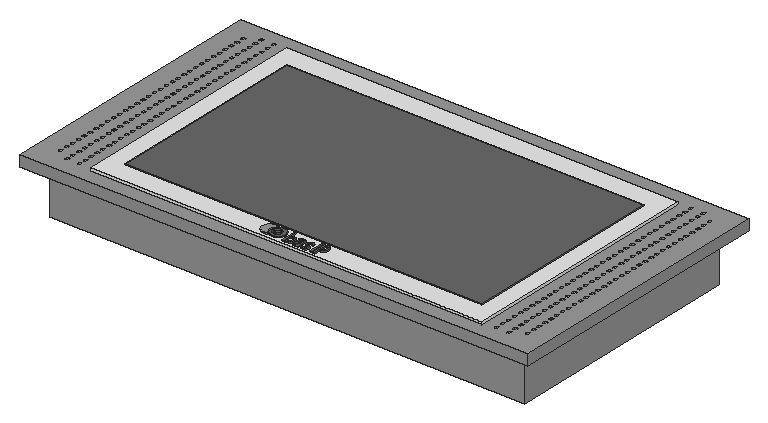
Revit family "AT-07", category Устройства связи, Revit 2022
Family settings
  Размер круглого соединителя = Использовать диаметр
  Тип детали = Нормальный
  На основе рабочей плоскости = Да
  Всегда вертикально = Нет
  При загрузке вырезать с полостями = Нет
  Сохранять ориентацию аннотаций = Нет
  Общий = Да
  Точка принадлежности помещению = Нет
Parameters (values of type "AT-07")
  Цветовое решение = "Black, White, Silver, Gold"
  Режим "Ожидания" = "Есть, настраиваемый по времени"
  Режим "Не беспокоить" = "Есть, настраиваемый по времени"
  Режим "Без звука" = "Есть, настраиваемый по времени"
  Поддержка сторонних виджетов = "Есть"
  Обновление программного обеспечения = "Через WEB-интерфейс, из SD карты, из сервера обновлений BAS-IP"
  Дополнительно = ""
  Выбор типа заставки в режиме ожидания = "Квадратор \r\nЧасы \r\nФоторамка \r\nТур по времени \r\nIP камера (постоянный просмотр)"
  Тип установки = "Настенная накладная, врезная с помощью кронштейна"
  Количество IP камер = "До 32 камер"
  Поддержка получения сообщений = "Есть"
  Количество индивидуальных вызывных панелей = "До 9 панелей"
  Размеры = "236 x 128 x 26,5 мм"
  Размеры дисплея = "155,0×86,0 мм"
  Потребление питания = "6 Вт, в режиме ожидания – 2,5 Вт"
  Дополнительные разъемы = "Слот для microSD карт (SDHC)"
  Питание = "PoE  и +12 Вольт"
  Default Elevation = 0 mm
  Загрузка пользовательских MP3 мелодий = "Есть"
  Описание = "Внутренний монитор индивидуальный AT-07 - Внутренний видеодомофон работает под управлением операционной системы Android 6.0. Он поставляется в 4 цветовых вариациях: white, gold, black, silver и имеет два варианта установки: настенное накладное крепление и крепление врезным монтажом с использованием специального кронштейна"
  Количество многоабонентских вызывных панелей = "До 9 панелей"
  Подключение дополнительных мониторов = "До 8 мониторов"
  Материал корпуса = Материал серый
  Корпус = "Алюминий"
  Тип интеркома = "Аудиоинтерком"
  Количество мелодий вызова = "9 мелодий на выбор"
  Сценарии = "Есть"
  Функция памяти = "Запись фото, видео и аудио на SD карту"
  Встроенная камера = "Нет"
  Интерфейс = "Многоязычный графический"
  Управление домашней автоматикой = "Свет, шторы, лифт"
  Изображение типоразмера = <Нет>
  Изготовитель = "BAS-IP"
  Мультимедиа возможности = "Просмотр видео-, фото- и аудиофайлов с SD карты"
  Дисплей = "7” IPS LCD, сенсорный емкостный"
  Группа модели = "Внутренний монитор индивидуальный AT-07"
  Разрешение экрана = "1024×600"
  Возможность установки сторонних приложений = "Есть"
  Бекап фото сделанных во время вызова = "Есть, на SD карту"
  Автоответчик = "Есть"
  URL = "https://www.bas-ip.ru"
  Email разработчика семейства = "lytvynchukartur@gmail.com"
  BIM library = "https://bimlib.ru/manufacturer/"
  ADSK_Размер_Ширина = 236 mm
  ADSK_Размер_Толщина = 26.5 mm
  ADSK_Размер_Длина = 128 mm
  ADSK_Примечание = ""
  ADSK_Полная мощность = 6 VA  # constant formula
  ADSK_Позиция = ""
  ADSK_Обозначение = ""
  ADSK_Номинальная мощность = 6 W
  ADSK_Напряжение = 12 V
  ADSK_Наименование краткое = "AT-07"
  ADSK_Наименование = "Внутренний монитор индивидуальный AT-07"
  ADSK_Масса_Текст = ""
  ADSK_Марка = "AT-07"
  ADSK_Коэффициент мощности = 0.9
  ADSK_Количество фаз = 1
  ADSK_Код изделия = ""
  ADSK_Классификация нагрузок = Внутренний монитор индивидуальный
  ADSK_Зона = ""
  ADSK_Завод-изготовитель = "BAS-IP"
  ADSK_Единица измерения = "шт"
  ADSK_Версия Revit = "Revit 2020"  # constant formula
  ADSK_URL страницы изделия = "https://www.bas-ip.ru/at-07l/"
  ADSK_URL документации изделия = "http://cdn.bas-ip.com/files/datasheets_ru/AT-07L_ru.pdf"
Reference planes
  plane 1 "По центру (Вперед/Назад)": y = 0
  plane 2: z = 0
  plane 3 "По центру (Влево/Вправо)": x = 0
Forms (mm)
  Extrusion 1, solid, material "Материал серый" <- "Материал корпуса", detail levels medium+fine
    sketch origin (795.397, 39.835, -4.242) x (1, 0, 0) y (0, 1, 0)
      loop
        line (-905.897, 16.665) -> (-905.897, -96.335) -> (-684.897, -96.335) -> (-684.897, 16.665) -> (-905.897, 16.665)
    from -17.258 to 4.346
  Extrusion 2, solid, material "Материал серый" <- "Материал корпуса", detail levels medium+fine
    sketch origin (532.39, -180.209, 54) x (1, 0, 0) y (0, 1, 0)
      loop
        line (-650.39, 244.209) -> (-650.39, 116.209) -> (-414.39, 116.209) -> (-414.39, 244.209) -> (-650.39, 244.209)
      loop
        circle (-629.39, 237.209) r 0.8
      loop
        circle (-629.39, 233.793) r 0.8
      loop
        circle (-629.39, 230.377) r 0.8
      loop
        circle (-629.39, 226.962) r 0.8
      loop
        circle (-629.39, 223.546) r 0.8
      loop
        circle (-629.39, 216.714) r 0.8
      loop
        circle (-629.39, 213.298) r 0.8
      loop
        circle (-629.39, 206.467) r 0.8
      loop
        circle (-629.39, 203.051) r 0.8
      loop
        circle (-629.39, 199.635) r 0.8
      loop
        circle (-629.39, 196.219) r 0.8
      loop
        circle (-629.39, 209.883) r 0.8
      loop
        circle (-629.39, 220.13) r 0.8
      loop
        circle (-629.39, 192.804) r 0.8
      loop
        circle (-629.39, 189.388) r 0.8
      loop
        circle (-629.39, 185.972) r 0.8
      loop
        circle (-629.39, 182.556) r 0.8
      loop
        circle (-629.39, 175.725) r 0.8
      loop
        circle (-629.39, 172.309) r 0.8
      loop
        circle (-629.39, 165.477) r 0.8
      loop
        circle (-629.39, 162.061) r 0.8
      loop
        circle (-629.39, 158.646) r 0.8
      loop
        circle (-629.39, 155.23) r 0.8
      loop
        circle (-629.39, 168.893) r 0.8
      loop
        circle (-629.39, 179.14) r 0.8
      loop
        circle (-629.39, 151.814) r 0.8
      loop
        circle (-629.39, 148.398) r 0.8
      loop
        circle (-629.39, 144.983) r 0.8
      loop
        circle (-629.39, 141.567) r 0.8
      loop
        circle (-629.39, 134.735) r 0.8
      loop
        circle (-629.39, 131.319) r 0.8
      loop
        circle (-629.39, 124.488) r 0.8
      loop
        circle (-629.39, 127.904) r 0.8
      loop
        circle (-629.39, 138.151) r 0.8
      loop
        circle (-635.14, 237.209) r 0.8
      loop
        circle (-635.14, 233.793) r 0.8
      loop
        circle (-635.14, 230.377) r 0.8
      loop
        circle (-635.14, 226.962) r 0.8
      loop
        circle (-635.14, 223.546) r 0.8
      loop
        circle (-635.14, 216.714) r 0.8
      loop
        circle (-635.14, 213.298) r 0.8
      loop
        circle (-635.14, 206.467) r 0.8
      loop
        circle (-635.14, 203.051) r 0.8
      loop
        circle (-635.14, 199.635) r 0.8
      loop
        circle (-635.14, 196.219) r 0.8
      loop
        circle (-635.14, 209.883) r 0.8
      loop
        circle (-635.14, 220.13) r 0.8
      loop
        circle (-635.14, 192.804) r 0.8
      loop
        circle (-635.14, 189.388) r 0.8
      loop
        circle (-635.14, 185.972) r 0.8
      loop
        circle (-635.14, 182.556) r 0.8
      loop
        circle (-635.14, 175.725) r 0.8
      loop
        circle (-635.14, 172.309) r 0.8
      loop
        circle (-635.14, 165.477) r 0.8
      loop
        circle (-635.14, 162.061) r 0.8
      loop
        circle (-635.14, 158.646) r 0.8
      loop
        circle (-635.14, 155.23) r 0.8
      loop
        circle (-635.14, 168.893) r 0.8
      loop
        circle (-635.14, 179.14) r 0.8
      loop
        circle (-635.14, 151.814) r 0.8
      loop
        circle (-635.14, 148.398) r 0.8
      loop
        circle (-635.14, 144.983) r 0.8
      loop
        circle (-635.14, 141.567) r 0.8
      loop
        circle (-635.14, 134.735) r 0.8
      loop
        circle (-635.14, 131.319) r 0.8
      loop
        circle (-635.14, 124.488) r 0.8
      loop
        circle (-635.14, 127.904) r 0.8
      loop
        circle (-635.14, 138.151) r 0.8
      loop
        circle (-640.89, 233.793) r 0.8
      loop
        circle (-640.89, 230.377) r 0.8
      loop
        circle (-640.89, 226.962) r 0.8
      loop
        circle (-640.89, 223.546) r 0.8
      loop
        circle (-640.89, 216.714) r 0.8
      loop
        circle (-640.89, 213.298) r 0.8
      loop
        circle (-640.89, 206.467) r 0.8
      loop
        circle (-640.89, 203.051) r 0.8
      loop
        circle (-640.89, 199.635) r 0.8
      loop
        circle (-640.89, 196.219) r 0.8
      loop
        circle (-640.89, 209.883) r 0.8
      loop
        circle (-640.89, 220.13) r 0.8
      loop
        circle (-640.89, 192.804) r 0.8
      loop
        circle (-640.89, 189.388) r 0.8
      loop
        circle (-640.89, 185.972) r 0.8
      loop
        circle (-640.89, 182.556) r 0.8
      loop
        circle (-640.89, 175.725) r 0.8
      loop
        circle (-640.89, 172.309) r 0.8
      loop
        circle (-640.89, 165.477) r 0.8
      loop
        circle (-640.89, 162.061) r 0.8
      loop
        circle (-640.89, 158.646) r 0.8
      loop
        circle (-640.89, 155.23) r 0.8
      loop
        circle (-640.89, 168.893) r 0.8
      loop
        circle (-640.89, 179.14) r 0.8
      loop
        circle (-640.89, 151.814) r 0.8
      loop
        circle (-640.89, 148.398) r 0.8
      loop
        circle (-640.89, 144.983) r 0.8
      loop
        circle (-640.89, 141.567) r 0.8
      loop
        circle (-640.89, 134.735) r 0.8
      loop
        circle (-640.89, 131.319) r 0.8
      loop
        circle (-640.89, 127.904) r 0.8
      loop
        circle (-640.89, 138.151) r 0.8
      loop
        circle (-435.39, 237.209) r 0.8
      loop
        circle (-435.39, 233.793) r 0.8
      loop
        circle (-435.39, 230.377) r 0.8
      loop
        circle (-435.39, 226.962) r 0.8
      loop
        circle (-435.39, 223.546) r 0.8
      loop
        circle (-435.39, 216.714) r 0.8
      loop
        circle (-435.39, 213.298) r 0.8
      loop
        circle (-435.39, 206.467) r 0.8
      loop
        circle (-435.39, 203.051) r 0.8
      loop
        circle (-435.39, 199.635) r 0.8
      loop
        circle (-435.39, 196.219) r 0.8
      loop
        circle (-435.39, 209.883) r 0.8
      loop
        circle (-435.39, 220.13) r 0.8
      loop
        circle (-435.39, 192.804) r 0.8
      loop
        circle (-435.39, 189.388) r 0.8
      loop
        circle (-435.39, 185.972) r 0.8
      loop
        circle (-435.39, 182.556) r 0.8
      loop
        circle (-435.39, 175.725) r 0.8
      loop
        circle (-435.39, 172.309) r 0.8
      loop
        circle (-435.39, 165.477) r 0.8
      loop
        circle (-435.39, 162.061) r 0.8
      loop
        circle (-435.39, 158.646) r 0.8
      loop
        circle (-435.39, 155.23) r 0.8
      loop
        circle (-435.39, 168.893) r 0.8
      loop
        circle (-435.39, 179.14) r 0.8
      loop
        circle (-435.39, 151.814) r 0.8
      loop
        circle (-435.39, 148.398) r 0.8
      loop
        circle (-435.39, 144.983) r 0.8
      loop
        circle (-435.39, 141.567) r 0.8
      loop
        circle (-435.39, 134.735) r 0.8
      loop
        circle (-435.39, 131.319) r 0.8
      loop
        circle (-435.39, 124.488) r 0.8
      loop
        circle (-435.39, 127.904) r 0.8
      loop
        circle (-435.39, 138.151) r 0.8
      loop
        circle (-429.64, 237.209) r 0.8
      loop
        circle (-429.64, 233.793) r 0.8
      loop
        circle (-429.64, 230.377) r 0.8
      loop
        circle (-429.64, 226.962) r 0.8
      loop
        circle (-429.64, 223.546) r 0.8
      loop
        circle (-429.64, 216.714) r 0.8
      loop
        circle (-429.64, 213.298) r 0.8
      loop
        circle (-429.64, 206.467) r 0.8
      loop
        circle (-429.64, 203.051) r 0.8
      loop
        circle (-429.64, 199.635) r 0.8
      loop
        circle (-429.64, 196.219) r 0.8
      loop
        circle (-429.64, 209.883) r 0.8
      loop
        circle (-429.64, 220.13) r 0.8
      loop
        circle (-429.64, 192.804) r 0.8
      loop
        circle (-429.64, 189.388) r 0.8
      loop
        circle (-429.64, 185.972) r 0.8
      loop
        circle (-429.64, 182.556) r 0.8
      loop
        circle (-429.64, 175.725) r 0.8
      loop
        circle (-429.64, 172.309) r 0.8
      loop
        circle (-429.64, 165.477) r 0.8
      loop
        circle (-429.64, 162.061) r 0.8
      loop
        circle (-429.64, 158.646) r 0.8
      loop
        circle (-429.64, 155.23) r 0.8
      loop
        circle (-429.64, 168.893) r 0.8
      loop
        circle (-429.64, 179.14) r 0.8
      loop
        circle (-429.64, 151.814) r 0.8
      loop
        circle (-429.64, 148.398) r 0.8
      loop
        circle (-429.64, 144.983) r 0.8
      loop
        circle (-429.64, 141.567) r 0.8
      loop
        circle (-429.64, 134.735) r 0.8
      loop
        circle (-429.64, 131.319) r 0.8
      loop
        circle (-429.64, 124.488) r 0.8
      loop
        circle (-429.64, 127.904) r 0.8
      loop
        circle (-429.64, 138.151) r 0.8
      loop
        circle (-423.89, 233.793) r 0.8
      loop
        circle (-423.89, 230.377) r 0.8
      loop
        circle (-423.89, 226.962) r 0.8
      loop
        circle (-423.89, 223.546) r 0.8
      loop
        circle (-423.89, 216.714) r 0.8
      loop
        circle (-423.89, 213.298) r 0.8
      loop
        circle (-423.89, 206.467) r 0.8
      loop
        circle (-423.89, 203.051) r 0.8
      loop
        circle (-423.89, 199.635) r 0.8
      loop
        circle (-423.89, 196.219) r 0.8
      loop
        circle (-423.89, 209.883) r 0.8
      loop
        circle (-423.89, 220.13) r 0.8
      loop
        circle (-423.89, 192.804) r 0.8
      loop
        circle (-423.89, 189.388) r 0.8
      loop
        circle (-423.89, 185.972) r 0.8
      loop
        circle (-423.89, 182.556) r 0.8
      loop
        circle (-423.89, 175.725) r 0.8
      loop
        circle (-423.89, 172.309) r 0.8
      loop
        circle (-423.89, 165.477) r 0.8
      loop
        circle (-423.89, 162.061) r 0.8
      loop
        circle (-423.89, 158.646) r 0.8
      loop
        circle (-423.89, 155.23) r 0.8
      loop
        circle (-423.89, 168.893) r 0.8
      loop
        circle (-423.89, 179.14) r 0.8
      loop
        circle (-423.89, 151.814) r 0.8
      loop
        circle (-423.89, 148.398) r 0.8
      loop
        circle (-423.89, 144.983) r 0.8
      loop
        circle (-423.89, 141.567) r 0.8
      loop
        circle (-423.89, 134.735) r 0.8
      loop
        circle (-423.89, 131.319) r 0.8
      loop
        circle (-423.89, 127.904) r 0.8
      loop
        circle (-423.89, 138.151) r 0.8
    from -54 to -49
  Extrusion 3, solid, material "Материал черный", detail levels medium+fine
    sketch origin (-346.374, 131.51, 55) x (1, 0, 0) y (0, 1, 0)
      loop
        line (355.91, -186.947) -> (356.876, -186.947) -> (356.876, -179.913) -> (355.91, -179.913) -> (355.91, -186.947)
      loop
        line (357.377, -186.947) -> (358.377, -186.947) -> (358.377, -184.451)
        arc (358.377, -184.451) -> (361.041, -182.66) -> (359.379, -179.913) r 2.326
        line (359.379, -179.913) -> (357.377, -179.913) -> (357.377, -186.947)
      loop
        arc (358.377, -183.451) -> (360.221, -182.217) -> (358.377, -180.983) r 1.335
        line (358.377, -180.983) -> (358.377, -183.451)
      loop
        line (342.946, -179.913) -> (342.946, -186.947) -> (344.968, -186.947)
        spline (344.968, -186.947) -> (345.634, -186.72) -> (346.221, -186.353) -> (346.689, -185.871) -> (347.005, -185.307) -> (347.148, -184.699) -> (347.109, -184.089) -> (346.89, -183.519) -> (346.506, -183.026) -> (345.984, -182.646) -> (345.358, -182.403) -> (344.672, -182.314) -> (343.972, -182.385)
        line (343.972, -182.385) -> (343.972, -179.913) -> (342.946, -179.913)
      loop
        line (343.972, -183.426) -> (343.972, -185.927) -> (345.157, -185.927)
        spline (345.157, -185.927) -> (345.542, -185.692) -> (345.86, -185.388) -> (346.09, -185.036) -> (346.217, -184.659) -> (346.23, -184.283) -> (346.13, -183.934) -> (345.923, -183.636) -> (345.624, -183.408) -> (345.252, -183.267) -> (344.834, -183.222) -> (344.397, -183.276) -> (343.972, -183.426)
      loop
        line (354.371, -183.077) -> (354.371, -182.08)
        arc (354.371, -182.08) -> (353.527, -181.636) -> (352.582, -181.765) r 1.562
        arc (352.582, -181.765) -> (351.902, -182.393) -> (351.698, -183.296) r 1.562
        arc (351.698, -183.296) -> (352.118, -184.311) -> (353.134, -184.732) r 1.436
        arc (353.134, -184.732) -> (353.678, -184.957) -> (353.903, -185.501) r 0.769
        arc (353.903, -185.501) -> (353.519, -186.167) -> (352.749, -186.167) r 0.769
        line (352.749, -186.167) -> (351.665, -185.976) -> (351.665, -186.777) -> (353.173, -187.043)
        arc (353.173, -187.043) -> (354.539, -185.977) -> (354.178, -184.282) r 1.634
        line (354.178, -184.282) -> (353.112, -183.956)
        arc (353.112, -183.956) -> (352.563, -183.005) -> (353.595, -182.629) r 0.717
        line (353.595, -182.629) -> (354.371, -183.077)
      loop
        line (350.666, -186.947) -> (350.666, -182.599)
        arc (350.666, -182.599) -> (349.304, -181.597) -> (347.682, -182.073) r 1.905
        arc (347.682, -182.073) -> (347.604, -182.585) -> (348.086, -182.774) r 0.415
        arc (348.086, -182.774) -> (349.009, -182.264) -> (349.931, -182.774) r 1.09
        line (349.931, -182.774) -> (349.931, -183.578) -> (348.501, -183.578)
        arc (348.501, -183.578) -> (347.388, -185.155) -> (348.105, -186.947) r 2.022
        line (348.105, -186.947) -> (350.666, -186.947)
      loop
        line (349.931, -185.927) -> (349.931, -184.364) -> (348.861, -184.364)
        arc (348.861, -184.364) -> (348.08, -185.146) -> (348.861, -185.927) r 0.781
        line (348.861, -185.927) -> (349.931, -185.927)
      loop
        spline (337.212, -183.2) -> (337.246, -183.454) -> (337.345, -183.691) -> (337.502, -183.894) -> (337.707, -184.05) -> (337.946, -184.149) -> (338.203, -184.182) -> (338.459, -184.149) -> (338.698, -184.05) -> (338.903, -183.894) -> (339.061, -183.691) -> (339.159, -183.454) -> (339.193, -183.2)
        spline (339.193, -183.2) -> (339.159, -182.946) -> (339.061, -182.709) -> (338.903, -182.505) -> (338.698, -182.349) -> (338.459, -182.251) -> (338.203, -182.218) -> (337.946, -182.251) -> (337.707, -182.349) -> (337.502, -182.505) -> (337.345, -182.709) -> (337.246, -182.946) -> (337.212, -183.2)
      loop
        spline (336.121, -183.2) -> (336.192, -183.734) -> (336.4, -184.232) -> (336.731, -184.659) -> (337.162, -184.987) -> (337.664, -185.193) -> (338.203, -185.264) -> (338.741, -185.193) -> (339.243, -184.987) -> (339.674, -184.659) -> (340.005, -184.232) -> (340.213, -183.734) -> (340.284, -183.2)
        spline (340.284, -183.2) -> (340.213, -182.666) -> (340.005, -182.168) -> (339.674, -181.741) -> (339.243, -181.413) -> (338.741, -181.206) -> (338.203, -181.136) -> (337.664, -181.206) -> (337.162, -181.413) -> (336.731, -181.741) -> (336.4, -182.168) -> (336.192, -182.666) -> (336.121, -183.2)
      loop
        spline (334.697, -183.2) -> (334.817, -184.089) -> (335.167, -184.917) -> (335.724, -185.628) -> (336.45, -186.173) -> (337.295, -186.516) -> (338.203, -186.633) -> (339.11, -186.516) -> (339.955, -186.173) -> (340.681, -185.628) -> (341.238, -184.917) -> (341.589, -184.089) -> (341.708, -183.2)
        spline (341.708, -183.2) -> (341.589, -182.311) -> (341.238, -181.483) -> (340.681, -180.772) -> (339.955, -180.226) -> (339.11, -179.883) -> (338.203, -179.766) -> (337.295, -179.883) -> (336.45, -180.226) -> (335.724, -180.772) -> (335.167, -181.483) -> (334.817, -182.311) -> (334.697, -183.2)
    from -52 to -48.832
  Extrusion 4, solid, material "Материал серый", detail levels medium+fine
    sketch origin (-376.374, 131.51, 55) x (1, 0, 0) y (0, 1, 0)
      loop
        spline (366.353, -186.117) -> (365.878, -185.77) -> (365.47, -185.35) -> (365.139, -184.869) -> (364.896, -184.34) -> (364.747, -183.778) -> (364.697, -183.2) -> (364.747, -182.622) -> (364.896, -182.06) -> (365.139, -181.531) -> (365.47, -181.05) -> (365.878, -180.63) -> (366.353, -180.283)
        spline (366.353, -180.283) -> (365.205, -179.836) -> (363.969, -179.807) -> (362.8, -180.199) -> (361.843, -180.965) -> (361.216, -182.008) -> (360.998, -183.2) -> (361.216, -184.391) -> (361.843, -185.435) -> (362.8, -186.201) -> (363.969, -186.593) -> (365.205, -186.564) -> (366.353, -186.117)
    from -52 to -48.8
  Extrusion 5, solid, material "Материал белый", detail levels medium+fine
    sketch origin (40.508, -189.876, 55) x (1, 0, 0) y (0, 1, 0)
      loop
        line (-131.508, 132.876) -> (50.492, 132.876) -> (50.492, 246.876) -> (-131.508, 246.876) -> (-131.508, 132.876)
      loop
        line (42.492, 236.876) -> (-123.508, 236.876) -> (-123.508, 142.876) -> (42.492, 142.876) -> (42.492, 236.876)
    from -52 to -49.022
  Extrusion 6, solid, material "Материал черный", detail levels medium+fine
    sketch origin (-376.374, 149.91, 55) x (1, 0, 0) y (0, 1, 0)
      loop
        line (293.374, -102.91) -> (293.374, -196.91) -> (459.374, -196.91) -> (459.374, -102.91) -> (293.374, -102.91)
    from -52 to -48.8
Dimensions and locks
  aligned and locked: level to plane 2
Connectors
  electrical at (0, 0, -21.5)
    settings: on Extrusion 1, index 5, voltage 0 V, apparent load 0 VA, apparent load phase1 0 VA, apparent load phase2 0 VA, apparent load phase3 0 VA, power factor 1, load classification "Прочее", number of poles 1, system type 13, power factor state 1, is connector primary yes, connector utility no, sub classification motor no, connector description ""
  electrical at (7.731, -8.192, -21.5)
    settings: on Extrusion 1, index 10, voltage 12 V, apparent load 6 VA, apparent load phase1 0 VA, apparent load phase2 0 VA, apparent load phase3 0 VA, power factor 0.9, load classification "Внутренний монитор индивидуальный", number of poles 1, system type 30, power factor state 1, is connector primary no, connector utility no, sub classification motor no, connector description ""
  electrical at (-7.269, -8.192, -21.5)
    settings: on Extrusion 1, index 13, voltage 0 V, apparent load 0 VA, apparent load phase1 0 VA, apparent load phase2 0 VA, apparent load phase3 0 VA, power factor 1, load classification "Прочее", number of poles 1, system type 5, power factor state 1, is connector primary no, connector utility no, sub classification motor no, connector description ""
